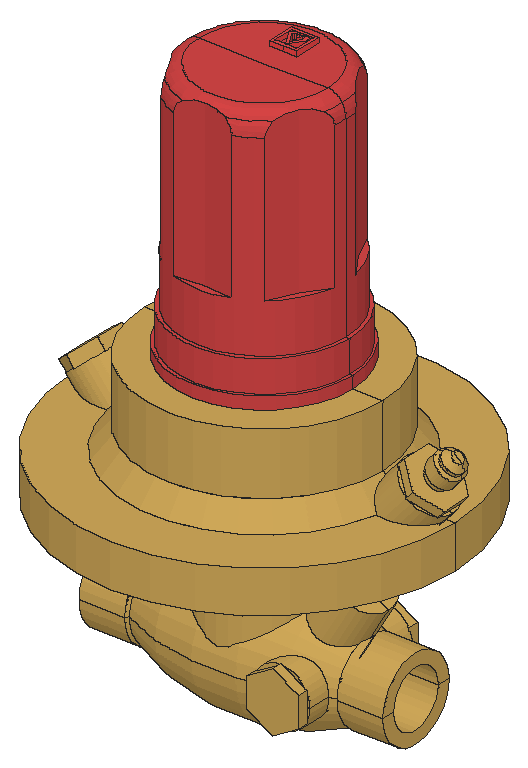
Revit family "Differenzdruckregler 4007_FIX_WE", category Rohrzubehör, Revit 2020 (continued)
Definition of nested family "Handrad für Diff.Druckregler 4007"
  Definition of nested family "Herz-Logo"
    Forms (mm)
      Extrusion 1, solid
        sketch origin (0, 0, 0) x (1, 0, 0) y (0, 1, 0)
          loop
            arc (1.885, 1.272) -> (2.005, 1.675) -> (1.885, 2.079) r 0.74
            arc (1.885, 2.079) -> (1.265, 2.416) -> (0.644, 2.079) r 0.74
            line (0.644, 2.079) -> (-0.018, 0.97) -> (-0.679, 2.079)
            arc (-0.679, 2.079) -> (-1.3, 2.416) -> (-1.921, 2.079) r 0.74
            arc (-1.921, 2.079) -> (-2.04, 1.675) -> (-1.921, 1.272) r 0.74
            line (-1.921, 1.272) -> (-0.018, -1.658) -> (1.885, 1.272)
        from 0 to 1.5
    Dimensions and locks
      aligned and locked: level to plane 2
Definition of nested family "Herz-Logo-vorne"
  Parameters (values of type "Herz-Logo-vorne")
    Default Elevation = 0.00 mm
  Reference planes
    plane 1 "Mitte (Vorne/hinten)": y = 0
    plane 2: z = 0
    plane 3 "Mitte (Links/rechts)": x = 0
  Forms (mm)
    Extrusion 1, solid
      sketch origin (0.732, -0.018, 0.017) x (0, -1, 0) y (0, 0, 1)
        loop
          line (-0.018, -4.517) -> (4.482, -4.517) -> (4.482, 4.483) -> (-4.518, 4.483) -> (-4.518, -4.517) -> (-0.018, -4.517)
        loop
          line (-0.05, -3.48) -> (3.482, -3.48) -> (3.482, 3.483) -> (-3.518, 3.483) -> (-3.518, -3.48) -> (-0.05, -3.48)
        loop
          arc (-0.018, 2.383) -> (-1.543, 3.287) -> (-3.067, 2.383) r 1.738
          arc (-3.067, 2.383) -> (-3.191, 1.899) -> (-3.067, 1.415) r 1.009
          line (-3.067, 1.415) -> (-0.018, -3.281) -> (3.032, 1.415)
          arc (3.032, 1.415) -> (3.156, 1.899) -> (3.032, 2.383) r 1.009
          arc (3.032, 2.383) -> (1.507, 3.287) -> (-0.018, 2.383) r 1.738
        loop
          arc (1.885, 1.272) -> (2.005, 1.675) -> (1.885, 2.079) r 0.74
          arc (1.885, 2.079) -> (1.265, 2.416) -> (0.644, 2.079) r 0.74
          line (0.644, 2.079) -> (-0.018, 0.97) -> (-0.679, 2.079)
          arc (-0.679, 2.079) -> (-1.3, 2.416) -> (-1.921, 2.079) r 0.74
          arc (-1.921, 2.079) -> (-2.04, 1.675) -> (-1.921, 1.272) r 0.74
          line (-1.921, 1.272) -> (-0.018, -1.658) -> (1.885, 1.272)
      from 0 to 1.5
  Dimensions and locks
    aligned and locked: level to plane 2
